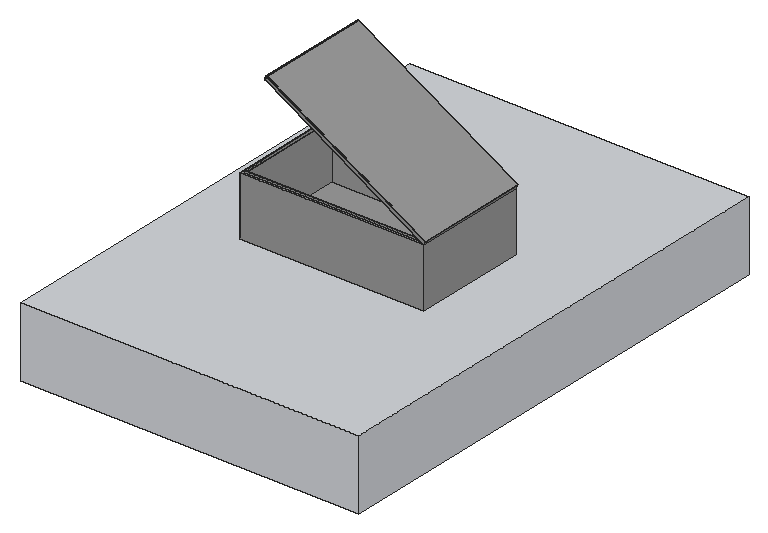
Revit family "Hager-Univers-IP55-D275-H500-Cl.II-Steel_encl-ES-es", category Equipement électrique, Revit 2020
Family settings
  Hôte = Face
  Configuration du panneau = Deux colonnes, circuits au sein
  Cote de connecteur circulaire = Utiliser le diamètre
  Type d'élément = Tableau de raccordement
  Couper avec des vides une fois chargée = Non
  Partagée = Non
  Point de calcul de pièce = Non
Parameters (values of type "Montado superficial (escayola) IP55 A800 A500 P275  - FR33S")
  Width Control [instance] = if([EF000008 - Anchura] > Min Width, [EF000008 - Anchura], Min Width)  # 800 mm
  Commentaires du type = [HG000003 - Gama]  # "Univers"
  Thickness Door [instance] = if([EF009171 - Espesor puerta/tapa] > 3 mm, 3 mm, [EF009171 - Espesor puerta/tapa])  # 1.5 mm
  Seal Frame Offset [instance] = 17 mm  # constant formula
  Plinth Visibility [instance] = [HG000027 - Altura de zócalo] > 0 mm  # no
  Model = ""
  Min Width [instance] = 100 mm  # constant formula
  Min Height [instance] = 100 mm  # constant formula
  Min Depth [instance] = (2 * [EF009170 - Espesor del material de la caja]) + 1 mm  # 4 mm
  Internal Frame Depth [instance] = (Door System Depth * 0.5)  # 9 mm
  Height Control [instance] = if([EF000040 - Altura] > Min Height, [EF000040 - Altura], Min Height)  # 500 mm
  HG000027 - Altura de zócalo = 0 mm
  HG000026 - Instalación en suelo = no
  HG000024 - Altura de la sección inferior = 800 mm
  HG000023 - Caja de doble sección = no
  HG000016 - Visibilidad de la puerta 3D [instance] = yes
  HG000015 - Visibilidad a través de la puerta [instance] = no
  HG000014 - Puerta a la derecha [instance] = yes
  HG000013 - Puerta a la izquierda [instance] = not([HG000014 - Puerta a la derecha])  # no
  HG000012 - Ángulo de giro de la puerta [instance] = 30.00°
  HG000010 - Puertas asimétricas = no
  HG000009 - Puerta batiente doble = no
  HG000006 - Empotrado = no
  HG000004 - Referencia del fabricante = "FR33S"
  HG000003 - Gama = "Univers"
  HG000002 - Con puerta o tapa = yes
  Frame Offset Bottom [instance] = 10 mm  # constant formula
  Frame Offset [instance] = 15 mm  # constant formula
  EF015940 - Tapa con alivio de sobrepresión = no
  EF011959 - Grado de protección (NEMA) = ""
  EF009554 - Número de aberturas para placas-brida = 6
  Fabricant = "Hager"  # constant formula
  EF009212 - Versión de la cubierta = "EV000116 - Cerrado"
  EF009171 - Espesor puerta/tapa = 1.5 mm
  EF009170 - Espesor del material de la caja = 1.5 mm
  EF008873 - Corriente nominal (In) = 800 A
  EF007800 - Adecuado para la protección contra rayos = no
  EF006306 - Con cierre = no
  EF006244 - Tapa/puerta transparente = no
  EF005474 - Grado de protección (IP) = "EV006420 - IP55"
  EF004464 - Tipo de puerta = "EV002646 - Único"
  EF004427 - Número de módulos = 108
  EF004293 - Resistencia al impacto (IK) = "EV008784 - IK10"
  EF003532 - Adecuado para uso en exteriores = no
  EF002950 - Anchura de unidades de división = 24
  EF001613 - Integridad del circuito = "EV000494 - Ninguno"
  EF001596 - Material de la carcasa = "EV000179 - Acero"
  EF001131 - Profundidad interna = 275 mm
  EF001088 - Posibilidad de extensión = yes
  EF000437 - Número de entradas de conductos de cables = 6
  EF000339 - Tipo de cubierta = "EV004216 - Puerta"
  EF000266 - Número de filas = 3
  EF000218 - Profundidad de instalación = 0 mm
  EF000118 - Con placa de montaje = no
  EF000116 - Número RAL = "7035"
  EF000049 - Profundidad = 275 mm
  EF000040 - Altura = 500 mm
  EF000008 - Anchura = 800 mm
  EF000007 - Color = "EV000270 - Gris"
  EF000003 - Tipo de montaje = "EV000384 - Montado superficial (escayola)"
  Door System Leaf Tolerance [instance] = 1.5 mm  # constant formula
  Door System Depth [instance] = 18 mm  # constant formula
  Door Height [instance] = Height Control - [HG000027 - Altura de zócalo]  # 500 mm
  Depth Control [instance] = if([EF000049 - Profundidad] > Min Depth, [EF000049 - Profundidad], Min Depth)  # 275 mm
  Default Elevation = 0 mm
  Connector Offset [instance] = Height Control / 2  # 250 mm
  Bottom Top Plate Trim [instance] = 1.5 mm  # constant formula
  Plinth height Ctrl [instance] = if([HG000027 - Altura de zócalo] > 0 mm, [HG000027 - Altura de zócalo], 12 mm)  # 12 mm
Types (5, lengths in mm): name | Width Control | HG000010 - Puertas asimétricas | HG000009 - Puerta batiente doble | HG000004 - Referencia del fabricante | EF009554 - Número de aberturas para placas-brida | EF004464 - Tipo de puerta | EF004427 - Número de módulos | EF000437 - Número de entradas de conductos de cables | EF000008 - Anchura
  Montado superficial (escayola) IP55 A1050 A500 P275  - FR34S | 1050 | no | yes | "FR34S" | 8 | "EV003602 - Doble" | 144 | 8 | 1050
  Montado superficial (escayola) IP55 A1300 A500 P275  - FR35S | 1300 | yes | yes | "FR35S" | 10 | "EV003602 - Doble" | 180 | 10 | 1300
  Montado superficial (escayola) IP55 A300 A500 P275  - FR31S | 300 | no | no | "FR31S" | 2 | "EV002646 - Único" | 36 | 2 | 300
  Montado superficial (escayola) IP55 A550 A500 P275  - FR32S | 550 | no | no | "FR32S" | 4 | "EV002646 - Único" | 72 | 4 | 550
  Montado superficial (escayola) IP55 A800 A500 P275  - FR33S | 800 | no | no | "FR33S" | 6 | "EV002646 - Único" | 108 | 6 | 800
Reference planes
  plane 1 "Center (Front/Back)": y = 0
  plane 2: z = 0
  plane 3 "Center (Left/Right)": x = 0
  plane 4: z = 275
  plane 5: y = 1.5
  plane 6: y = 250
  plane 7: y = 0
  plane 8: y = 500
  plane 9: z = 0
  plane 10: x = -385
  plane 11: x = 385
  plane 12: x = 383.5
  plane 13: x = -383.5
  plane 14: y = 498.5
  plane 15: x = -383
  plane 16: x = -400
  plane 17: x = 383
  plane 18: x = 400
  plane 19: x = 398.5
  plane 20: x = -398.5
  plane 21: y = 11.5
  plane 22: y = 500
  plane 23: y = 483.5
  plane 24: z = 257
  plane 25: z = 1.5
  plane 26: z = 255.5
  plane 27: z = 273.5
Forms (mm)
  Extrusion 1, solid
    sketch origin (0, 0, 0) x (1, 0, 0) y (0, 1, 0)
      loop
        line (-702.964, 1305) -> (-702.964, -811.445) -> (766.763, -811.445) -> (766.763, 1305) -> (-702.964, 1305)
    from 0 to -304.8
  Extrusion 2, solid, material "Hager_Steel_RAL7035_Light_Grey", visible <- "Plinth Visibility", detail levels medium+fine
    sketch origin (0, 0, 0) x (1, 0, 0) y (0, 1, 0)
      loop
        line (-400, 0) -> (400, 0) -> (400, 12) -> (-400, 12) -> (-400, 0)
    from 0 to 257
  Extrusion 3, solid, material "Hager_Steel_RAL7035_Light_Grey", detail levels medium+fine
    sketch origin (0, 0, 0) x (1, 0, 0) y (0, 1, 0)
      loop
        line (-400, 0) -> (400, 0) -> (400, 500) -> (-400, 500) -> (-400, 0)
    from 0 to 257
  Extrusion 4, void
    sketch origin (0, 0, 0) x (1, 0, 0) y (0, 1, 0)
      loop
        line (-398.5, 1.5) -> (398.5, 1.5) -> (398.5, 498.5) -> (-398.5, 498.5) -> (-398.5, 1.5)
    from 1.5 to 255.5
  Extrusion 5, void
    sketch origin (-381.607, -4572, 257) x (0, -1, 0) y (-1, 0, 0)
      loop
        line (-4583.5, 1.893) -> (-5055.5, 1.893) -> (-5055.5, -765.107) -> (-4583.5, -765.107) -> (-4583.5, 1.893)
    from 0 to 1.5 <- "EF009170 - Espesor del material de la caja"
  Extrusion 6, solid, material "Hager_Steel_RAL7035_Light_Grey", detail levels fine
    sketch origin (0, 0, 257) x (1, 0, 0) y (0, 1, 0)
      loop
        line (-383.5, 483.5) -> (-383.5, 11.5) -> (383.5, 11.5) -> (383.5, 483.5) -> (-383.5, 483.5)
      loop
        line (-385, 10) -> (385, 10) -> (385, 485) -> (-385, 485) -> (-385, 10)
    from 0 to 9 <- "Internal Frame Depth"
  Extrusion 7, solid, material "Hager_Steel_RAL7035_Light_Grey", detail levels coarse
    sketch origin (0, 0, 0) x (1, 0, 0) y (0, 1, 0)
      loop
        line (-400, 0) -> (400, 0) -> (400, 500) -> (-400, 500) -> (-400, 0)
    from 0 to 275
  Sweep 8, void
    path in 3D
      loop
        line (-400, 12, 0) -> (400, 12, 0) -> (400, 12, 257) -> (-400, 12, 257) -> (-400, 12, 0)
    profile origin (-400, 12, 128.5) x (-1, 0, 0) y (0, -1, 0)
      loop
        line (0, 0) -> (0, 1.5) -> (-1.5, 1.5)
        arc (-1.5, 1.5) -> (-1.061, 0.439) -> (0, 0) r 1.5
Cuts and joins
  Extrusion 4, Extrusion 5 cuts Extrusion 3
  Sweep 8 cuts Extrusion 2
Lines and regions (mm)
  Masking region 1
    outline origin (0, 0, 0) x (1, 0, 0) y (0, 0, 1)
      loop
        line (-400, 275) -> (-400, 0) -> (400, 0) -> (400, 275) -> (-400, 275)
  Masking region 2, detail levels medium+fine
    outline origin (0, 140, 0) x (0, 1, 0) y (0, 0, 1)
      loop
        line (-140, 0) -> (360, 0) -> (360, 257) -> (-140, 257) -> (-140, 0)
  Masking region 3, not visible, detail levels medium+fine
    outline origin (0, 297.922, 0) x (0, 1, 0) y (0, 0, 1)
      loop
        line (-36.422, 0) -> (3.578, 0) -> (3.578, 263.5)
        arc (3.578, 263.5) -> (0.649, 270.571) -> (-6.422, 273.5) r 10
        line (-6.422, 273.5) -> (-36.422, 273.5) -> (-36.422, 0)
  Masking region 4, detail levels coarse
    outline origin (0, 0, 180) x (0, 1, 0) y (0, 0, 1)
      loop
        line (0, -180) -> (500, -180) -> (500, 95) -> (0, 95) -> (0, -180)
  Masking region 5, visible <- "Plinth Visibility", detail levels medium+fine
    outline origin (0, 52.24, 12.345) x (0, 0, -1) y (0, 1, 0)
      loop
        line (10.845, -40.24) -> (-243.155, -40.24)
        arc (-243.155, -40.24) -> (-243.594, -41.301) -> (-244.655, -41.74) r 1.5
        line (-244.655, -41.74) -> (-244.655, -52.24) -> (12.345, -52.24) -> (12.345, -41.74)
        arc (12.345, -41.74) -> (11.285, -41.301) -> (10.845, -40.24) r 1.5
  Masking region 6, detail levels medium+fine
    outline origin (-381.607, -4572, 257) x (-1, 0, 0) y (0, -1, 0)
      loop
        line (18.393, -5072) -> (18.393, -4572) -> (-781.607, -4572) -> (-781.607, -5072) -> (18.393, -5072)
  Masking region 7, visible <- "Plinth Visibility", detail levels medium+fine
    outline origin (-381.607, -4727, 257) x (-1, 0, 0) y (0, -1, 0)
      loop
        arc (16.893, -4739) -> (17.332, -4737.939) -> (18.393, -4737.5) r 1.5
        line (18.393, -4737.5) -> (18.393, -4727) -> (-781.607, -4727) -> (-781.607, -4737.5)
        arc (-781.607, -4737.5) -> (-780.546, -4737.939) -> (-780.107, -4739) r 1.5
        line (-780.107, -4739) -> (16.893, -4739)
  Masking region 8, detail levels coarse
    outline origin (-442.548, -4669.526, 257) x (-1, 0, 0) y (0, -1, 0)
      loop
        line (-42.548, -5169.526) -> (-42.548, -4669.526) -> (-842.548, -4669.526) -> (-842.548, -5169.526) -> (-42.548, -5169.526)
  sketch lines
    curve 1: line (-400, 12, 257) -> (-400, 12, 0)
    curve 2: line (400, 12, 257) -> (-400, 12, 257)
    curve 3: line (400, 12, 257) -> (400, 12, 0)
    curve 4: line (-400, 12, 0) -> (400, 12, 0)
Dimensions and locks
  "Depth Control": plane 4 to Extrusion 1
  "HG000027 - Altura de zócalo": plane 1 "Center (Front/Back)" to plane 7
  "EF009170 - Espesor del material de la caja": plane 5 to plane 7
  locked: connector elem to plane 3 "Center (Left/Right)"
  equal spacing: plane 8, plane 6, plane 7
  locked: connector elem to plane 6
  "EF009170 - Espesor del material de la caja": plane 8 to plane 14
  "EF009170 - Espesor del material de la caja": plane 10 to plane 13
  "EF009170 - Espesor del material de la caja": plane 12 to plane 11
  "Frame Offset": plane 20 to plane 13
  "Frame Offset": plane 12 to plane 19
  "EF009170 - Espesor del material de la caja": plane 16 to plane 20
  "EF009170 - Espesor del material de la caja": plane 19 to plane 18
  "Seal Frame Offset": plane 16 to plane 15
  "Seal Frame Offset": plane 17 to plane 18
  "Frame Offset Bottom": plane 21 to plane 5
  "Frame Offset": plane 14 to plane 23
  equal spacing: plane 16, plane 3 "Center (Left/Right)", plane 18
  "Width Control": plane 16 to plane 18
  "EF009170 - Espesor del material de la caja": plane 4 to plane 27
  "EF009170 - Espesor del material de la caja": plane 24 to plane 26
  "EF009170 - Espesor del material de la caja": plane 25 to level
  "Door System Depth": plane 4 to plane 24
  "Height Control": plane 1 "Center (Front/Back)" to Extrusion 7 sketch curve
  "Height Control": Masking region 4 sketch curve to plane 1 "Center (Front/Back)"
  "Height Control": plane 1 "Center (Front/Back)" to plane 22
  "Bottom Top Plate Trim": profile plane to Sweep 8 sketch curve
  "Bottom Top Plate Trim": Sweep 8 sketch curve to profile plane
  "Plinth height Ctrl": plane 1 "Center (Front/Back)" to Extrusion 2 sketch curve
  "Plinth height Ctrl": Masking region 5 sketch curve to plane 1 "Center (Front/Back)"
  "Plinth height Ctrl": plane 1 "Center (Front/Back)" to Masking region 7 sketch curve
  "Thickness Door": Extrusion 6 sketch curve to Extrusion 6 sketch curve  (x3)
  "Thickness Door": cut or joined group of Extrusion 3, Extrusion 4, Extrusion 5 to Extrusion 6 sketch curve
  radius of Masking region 3 sketch curve = 10 mm
  "Bottom Top Plate Trim": radius of Masking region 5 sketch curve  (x2)
  "Bottom Top Plate Trim": radius of Sweep 8 sketch curve
  "Bottom Top Plate Trim": radius of Masking region 7 sketch curve  (x2)
  aligned and locked: plane 2 to Extrusion 1
  aligned and locked: level to Extrusion 1
  aligned and locked: level to Masking region 1 sketch curve
  aligned and locked: Masking region 1 sketch curve to plane 18
  aligned and locked: Masking region 1 sketch curve to plane 16
  aligned and locked: plane 7 to Masking region 2 sketch curve
  aligned and locked: level to Masking region 3 sketch curve
  aligned and locked: Masking region 3 sketch curve to plane 27
  aligned and locked: level to Masking region 2 sketch curve
  aligned and locked: plane 1 "Center (Front/Back)" to Extrusion 2 sketch curve
  aligned and locked: Extrusion 3 sketch curve to plane 7
  aligned and locked: plane 16 to Extrusion 3 sketch curve
  aligned and locked: plane 18 to Extrusion 3 sketch curve
  aligned and locked: plane 20 to Extrusion 4 sketch curve
  aligned and locked: plane 19 to Extrusion 4 sketch curve
  aligned and locked: Extrusion 4 sketch curve to plane 5
  aligned and locked: Extrusion 4 to plane 25
  aligned and locked: plane 26 to Extrusion 4
  aligned and locked: plane 24 to Extrusion 3
  aligned and locked: Extrusion 5 sketch curve to plane 21
  aligned and locked: Extrusion 5 sketch curve to plane 13
  aligned and locked: Extrusion 5 sketch curve to plane 12
  aligned and locked: plane 18 to Extrusion 7 sketch curve
  aligned and locked: plane 1 "Center (Front/Back)" to Extrusion 7 sketch curve
  aligned and locked: plane 16 to Extrusion 7 sketch curve
  aligned and locked: plane 4 to Extrusion 7
  aligned and locked: Extrusion 7 to level
  aligned and locked: level to Masking region 4 sketch curve
  aligned and locked: Masking region 4 sketch curve to plane 1 "Center (Front/Back)"
  aligned and locked: Masking region 4 sketch curve to plane 4
  aligned and locked: nested 1 to level
  aligned and locked: nested 1 to plane 16
  aligned and locked: plane 8 to Extrusion 3 sketch curve
  aligned and locked: plane 23 to Extrusion 5 sketch curve
  aligned and locked: plane 14 to Extrusion 4 sketch curve
  aligned and locked: Masking region 2 sketch curve to plane 8
  aligned and locked: level to Masking region 5 sketch curve
  aligned and locked: plane 16 to Extrusion 2 sketch curve
  aligned and locked: plane 18 to Extrusion 2 sketch curve
  aligned and locked: Masking region 5 sketch curve to plane 24
  aligned and locked: Masking region 2 sketch curve to plane 24
  aligned and locked: plane 24 to Extrusion 2
  aligned and locked: profile plane to Sweep 8 sketch curve  (x2)
  aligned and locked: Masking region 6 sketch curve to plane 18
  aligned and locked: Masking region 6 sketch curve to plane 22
  aligned and locked: Masking region 6 sketch curve to plane 16
  aligned and locked: plane 8 to plane 22
  aligned and locked: Masking region 6 sketch curve to plane 7
  aligned and locked: Masking region 7 sketch curve to plane 16
  aligned and locked: Masking region 7 sketch curve to plane 1 "Center (Front/Back)"
  aligned and locked: Masking region 7 sketch curve to plane 18
  aligned and locked: Masking region 8 sketch curve to plane 1 "Center (Front/Back)"
  aligned and locked: Masking region 8 sketch curve to plane 18
  aligned and locked: Masking region 8 sketch curve to plane 22
  aligned and locked: Masking region 8 sketch curve to plane 16
  aligned and locked: nested 2 to plane 7
  aligned and locked: plane 3 "Center (Left/Right)" to nested 2
  aligned and locked: nested 2 to plane 24
  aligned and locked: Extrusion 6 sketch curve to cut or joined group of Extrusion 3, Extrusion 4, Extrusion 5  (x4)
Automatic sketch dimensions
  Extrusion 1 sketch curve to Extrusion 1 sketch curve = 1469.727 mm
  Extrusion 1 sketch curve to Extrusion 1 sketch curve = 2116.445 mm
  Masking region 1 sketch curve to plane 4 = 0 mm
  plane 6 to Masking region 3 sketch curve = 11.5 mm
  Masking region 3 sketch curve to Masking region 3 sketch curve = 30 mm
  Masking region 5 sketch curve to plane 1 "Center (Front/Back)" = 0 mm
Nested families
  nested 1: "Hager_Enclosure_Symbol" at (-400, 0, 0) x (1, 0, 0) z (0, -1, 0), Height <- "Depth Control", Width <- "Width Control", type "Hager_Enclosure_Symbol"
    with Width_Ctrl 800 mm, Width 800 mm, Height_Ctrl 275 mm, Height 275 mm, A_Width_Int 18.047 mm, A_Width 216.562 mm, A_Height_Ctrl 240.625 mm, A_Height 240.625 mm
  nested 2: "EC000058_Univers_Door" at (0, 0, 257) x (1, 0, 0) z (0, 1, 0), Leaf_Tolerance <- "Door System Leaf Tolerance", Angle <- "HG000012 - Ángulo de giro de la puerta", Door_Depth <- "Door System Depth", Door_Left <- "HG000013 - Puerta a la izquierda", Transparent <- "EF006244 - Tapa/puerta transparente", Assymetrical <- "HG000010 - Puertas asimétricas", Width <- "Width Control", Clearance <- "HG000015 - Visibilidad a través de la puerta", Double <- "HG000009 - Puerta batiente doble", 3d_Door <- "HG000016 - Visibilidad de la puerta 3D", Lock_Visibility <- "EF006306 - Con cierre", Width_Ctrl <- "Width Control", Door_Right <- "HG000014 - Puerta a la derecha", Door <- "HG000002 - Con puerta o tapa", Height <- "Door Height", Thickness <- "Thickness Door", type "EC000058_Univers_Door", detail levels medium+fine
    with min_wh 4 mm, Width_Ctrl 800 mm, Width 800 mm, Transparent no, Thickness 1.5 mm, Seal_Material Hager_Rubber, Lock_Visibility no, Lock_Material Hager_Plastic_RAL9005_Jet_Black, Leaf_Width 800 mm, Leaf_Tolerance_External_Sides 0 mm, Leaf_Tolerance 1.5 mm, Leaf_Offset 0 mm, Leaf_Height 497 mm, Leaf_2_Width 800 mm, Leaf_2_Offset 400 mm, Leaf_1_Width 800 mm, Leaf_1_Offset 400 mm, Height_Ctrl 500 mm, Height 500 mm, Glass_Material Hager_Glass, Double_Clearance_Ctrl no, Double no, Door_Right_Ctrl yes, Door_Right yes, Door_Material Hager_Steel_RAL7035_Light_Grey, Door_Left_Ctrl no, Door_Left no, Door_Depth 18 mm, Door yes, Clearance_Material Hager_Clearance, Clearance_Depth 800 mm, Clearance_Ctrl no, Clearance no, Assymetrical no, Angle 30.00°, 3d_Door yes
Connectors
  electrical at (0, 250, 0)
    settings: on plane 9, index 1, voltage 0 V, apparent load 0 VA, apparent load phase1 0 VA, apparent load phase2 0 VA, apparent load phase3 0 VA, power factor 1, load classification "Other", number of poles 1, system type 30, power factor state 1, is connector primary yes, connector utility no, sub classification motor no, connector description ""
Definition of nested family "EC000058_Univers_Door"
  Parameters (values of type "EC000058_Univers_Door")
    min_wh [instance] = (2 * Thickness) + 1 mm  # 11 mm
    Width_Ctrl [instance] = 400 mm
    Width [instance] = 500 mm
    Transparent [instance] = yes
    Thickness [instance] = 5 mm
    Seal_Material [instance] = none
    Lock_Visibility [instance] = yes
    Lock_Material [instance] = none
    Leaf_Width [instance] = if((Width_Ctrl - 2 * Leaf_Tolerance_External_Sides) > 0 mm, (Width_Ctrl - 2 * Leaf_Tolerance_External_Sides), min_wh)  # 400 mm
    Leaf_Tolerance_External_Sides [instance] = 0 mm  # constant formula
    Leaf_Tolerance [instance] = 1.5 mm
    Leaf_Offset [instance] = 0 mm  # constant formula
    Leaf_Height [instance] = if((Height_Ctrl - 2 * Leaf_Tolerance) > 0 mm, (Height_Ctrl - 2 * Leaf_Tolerance), min_wh)  # 497 mm
    Leaf_2_Width [instance] = if(and(and(Double, Assymetrical), Door_Left), (Leaf_Width / 3) - (Leaf_Tolerance / 2), if(and(and(Double, Assymetrical), Door_Right), (Leaf_Width / 3) * 2 - (Leaf_Tolerance / 2), if(and(Double, not(Assymetrical)), (Leaf_Width / 2) - Leaf_Tolerance, Leaf_Width)))  # 400 mm
    Leaf_2_Offset [instance] = if(and(Double, Assymetrical), Leaf_2_Width / 2, if(and(Double, not(Assymetrical)), Leaf_Width / 4, Leaf_Width / 2))  # 200 mm
    Leaf_1_Width [instance] = if(and(and(Double, Assymetrical), Door_Right), (Leaf_Width / 3) - (Leaf_Tolerance / 2), if(and(and(Double, Assymetrical), Door_Left), (Width / 3) * 2 - (Leaf_Tolerance / 2), if(and(Double, not(Assymetrical)), (Leaf_Width / 2) - Leaf_Tolerance, Leaf_Width)))  # 400 mm
    Leaf_1_Offset [instance] = if(and(Double, Assymetrical), Leaf_1_Width / 2, if(and(Double, not(Assymetrical)), Leaf_Width / 4, Leaf_Width / 2))  # 200 mm
    Height_Ctrl [instance] = if(Height > min_wh, Height, min_wh)  # 500 mm
    Height [instance] = 500 mm
    Glass_Material [instance] = none
    Double_Clearance_Ctrl [instance] = and(Double, Clearance)  # no
    Double [instance] = no
    Door_Right_Ctrl [instance] = and(or(Door_Right, Double), Door)  # yes
    Door_Right [instance] = yes
    Door_Material [instance] = none
    Door_Left_Ctrl [instance] = and(or(Door_Left, Double), Door)  # no
    Door_Left [instance] = no
    Door_Depth [instance] = 30 mm
    Door [instance] = yes
    Default Elevation = 1219.2 mm
    Clearance_Material [instance] = none
    Clearance_Depth [instance] = if(Leaf_1_Width > Leaf_2_Width, Leaf_1_Width, Leaf_2_Width)  # 400 mm
    Clearance_Ctrl [instance] = and(not(Double), Clearance)  # yes
    Clearance [instance] = yes
    Assymetrical [instance] = yes
    Angle [instance] = 30.00°
    3d_Door [instance] = yes
  Reference planes
    plane 1 "Center (Front/Back)": y = 0
    plane 2 "Bottom": z = 0
    plane 3 "Center (Left/Right)": x = 0
    plane 4: z = 500
    plane 5: x = -200
    plane 6: x = 200
    plane 7: z = 500
    plane 8: x = -200
    plane 9: z = 0
    plane 10: x = 200
    plane 11: y = 0
    plane 12: z = 1.5
    plane 13: x = -600
    plane 14: y = -400
    plane 15: x = 600
    plane 16: x = 0
    plane 17: x = 0
    plane 18: x = -200
    plane 19: x = 200
    plane 20: z = 498.5
  Forms (mm)
    Extrusion 1, solid, material <- "Clearance_Material", visible <- "Double_Clearance_Ctrl"
      sketch origin (1200, 0, 0) x (1, 0, 0) y (0, 0, -1)
        loop
          line (-1800, -498.5) -> (-600, -498.5) -> (-600, 0) -> (-1800, 0) -> (-1800, -498.5)
      from 0 to -400
  Dimensions and locks
    equal spacing: plane 5, plane 3 "Center (Left/Right)", plane 6
    "Width_Ctrl": plane 5 to plane 6
    "Leaf_Offset": plane 5 to plane 8
    "Leaf_Offset": plane 6 to plane 10
    "Leaf_Offset": plane 9 to level
    "Leaf_Offset": plane 4 to plane 7
    "Height_Ctrl": plane 4 to level
    "Leaf_Tolerance": plane 12 to plane 9
    locked: plane 11 to plane 1 "Center (Front/Back)"
    "Leaf_1_Offset": plane 18 to plane 16
    "Leaf_2_Offset": plane 17 to plane 19
    "Leaf_1_Width": plane 13 to plane 8
    "Leaf_2_Width": plane 10 to plane 15
    "Clearance_Depth": plane 14 to plane 1 "Center (Front/Back)"
    "Leaf_Tolerance_External_Sides": plane 8 to plane 18
    "Leaf_Tolerance_External_Sides": plane 19 to plane 10
    "Leaf_Tolerance": plane 7 to plane 20
    aligned and locked: level to plane 2 "Bottom"
    aligned and locked: nested 1 to plane 16
    aligned and locked: nested 2 to plane 17
    aligned and locked: Extrusion 1 to plane 13
    aligned and locked: plane 15 to Extrusion 1
    aligned and locked: Extrusion 1 to plane 14
    aligned and locked: plane 12 to nested 1
    aligned and locked: nested 2 to plane 12
    aligned and locked: Extrusion 1 to plane 11
    aligned and locked: plane 20 to Extrusion 1
    aligned and locked: nested 2 to plane 11
    aligned and locked: nested 1 to plane 11
  Automatic sketch dimensions
    Extrusion 1 sketch curve to level = 0 mm
    plane 5 to Extrusion 1 sketch curve = 400 mm
    plane 6 to Extrusion 1 sketch curve = 400 mm
    Extrusion 1 sketch curve to plane 4 = 1.5 mm
  Nested families
    nested 1: "EC000058_Univers_Door_Leaf" at (0, 0, 1.5), Width <- "Leaf_1_Width", visible <- "Door_Left_Ctrl", Leaf_Height <- "Leaf_Height", Angle <- "Angle", 3d_Door <- "3d_Door", Transparent <- "Transparent", Clearance Material <- "Clearance_Material", Clearance <- "Clearance_Ctrl", Door_Material <- "Door_Material", Glass_Material <- "Glass_Material", Door_Depth <- "Door_Depth", Lock_Material <- "Lock_Material", Seal_Material <- "Seal_Material", Lock_Visibility <- "Lock_Visibility", Thickness <- "Thickness", type "EC000058_Univers_Door_Leaf"
      with Width 400 mm, Transparent_Glass_Offset 30 mm, Transparent_Ctrl yes, Transparent yes, Thickness 5 mm, Standard no, Seal_Material none, Seal_D2 8 mm, Seal_D1 1 mm, Offset_Internal_Frame 10 mm, Lock_Width 20 mm, Lock_Visibility_3d yes, Lock_Visibility yes, Lock_Thickness_3 3 mm, Lock_Thickness_2 1 mm, Lock_Thickness_1 3 mm, Lock_Radius_Offset_2 16 mm, Lock_Radius_Offset_1 15 mm, Lock_Radius_2 5 mm, Lock_Radius 6 mm, Lock_Offset 5 mm, Lock_Material none, Lock_Height 80 mm, Lock_Cover_Top_Offset_2d 17 mm, Lock_Cover_Height -65 mm, Leaf_Height 497 mm, Internal_Seal_Thickness 8 mm, Internal_Seal_Depth_2 4.5 mm, Internal_Frame_Depth 25 mm, Glass_Thickness -1 mm, Glass_Offset -2 mm, Glass_Material none, Door_Material none, Door_Depth 30 mm, Clearance Material none, Clearance yes, Angle_Ctrl 30.00°, Angle 30.00°, 3d_Door yes
    nested 2: "EC000058_Univers_Door_Leaf" at (0, 0, 1.5) x (-1, 0, 0) z (0, 0, 1), Width <- "Leaf_2_Width", visible <- "Door_Right_Ctrl", Leaf_Height <- "Leaf_Height", Angle <- "Angle", 3d_Door <- "3d_Door", Transparent <- "Transparent", Clearance Material <- "Clearance_Material", Clearance <- "Clearance_Ctrl", Door_Material <- "Door_Material", Glass_Material <- "Glass_Material", Door_Depth <- "Door_Depth", Lock_Material <- "Lock_Material", Seal_Material <- "Seal_Material", Lock_Visibility <- "Lock_Visibility", Thickness <- "Thickness", type "EC000058_Univers_Door_Leaf"
      with Width 400 mm, Transparent_Glass_Offset 30 mm, Transparent_Ctrl yes, Transparent yes, Thickness 5 mm, Standard no, Seal_Material none, Seal_D2 8 mm, Seal_D1 1 mm, Offset_Internal_Frame 10 mm, Lock_Width 20 mm, Lock_Visibility_3d yes, Lock_Visibility yes, Lock_Thickness_3 3 mm, Lock_Thickness_2 1 mm, Lock_Thickness_1 3 mm, Lock_Radius_Offset_2 16 mm, Lock_Radius_Offset_1 15 mm, Lock_Radius_2 5 mm, Lock_Radius 6 mm, Lock_Offset 5 mm, Lock_Material none, Lock_Height 80 mm, Lock_Cover_Top_Offset_2d 17 mm, Lock_Cover_Height -65 mm, Leaf_Height 497 mm, Internal_Seal_Thickness 8 mm, Internal_Seal_Depth_2 4.5 mm, Internal_Frame_Depth 25 mm, Glass_Thickness -1 mm, Glass_Offset -2 mm, Glass_Material none, Door_Material none, Door_Depth 30 mm, Clearance Material none, Clearance yes, Angle_Ctrl 30.00°, Angle 30.00°, 3d_Door yes
  Definition of nested family "EC000058_Univers_Door_Leaf"
    Parameters (values of type "EC000058_Univers_Door_Leaf")
      Width [instance] = 2000 mm
      Transparent_Glass_Offset [instance] = 30 mm
      Transparent_Ctrl [instance] = and(Transparent, [3d_Door])  # yes
      Transparent [instance] = yes
      Thickness [instance] = 5 mm
      Standard [instance] = and(not(Transparent), [3d_Door])  # no
      Seal_Material [instance] = none
      Seal_D2 [instance] = 8 mm  # constant formula
      Seal_D1 [instance] = 1 mm  # constant formula
      Offset_Internal_Frame [instance] = 10 mm  # constant formula
      Lock_Width [instance] = 20 mm  # constant formula
      Lock_Visibility_3d [instance] = and(Lock_Visibility, [3d_Door])  # yes
      Lock_Visibility [instance] = yes
      Lock_Thickness_3 [instance] = 3 mm  # constant formula
      Lock_Thickness_2 [instance] = 1 mm  # constant formula
      Lock_Thickness_1 [instance] = 3 mm  # constant formula
      Lock_Radius_Offset_2 [instance] = Lock_Radius_Offset_1 + 1 mm  # 16 mm
      Lock_Radius_Offset_1 [instance] = 15 mm  # constant formula
      Lock_Radius_2 [instance] = Lock_Radius - 1 mm  # 5 mm
      Lock_Radius [instance] = 6 mm  # constant formula
      Lock_Offset [instance] = 5 mm  # constant formula
      Lock_Material [instance] = none
      Lock_Height [instance] = 80 mm  # constant formula
      Lock_Cover_Top_Offset_2d [instance] = Lock_Radius_Offset_2 + 1 mm  # 17 mm
      Lock_Cover_Height [instance] = -(Lock_Height - Lock_Radius_Offset_1)  # -65 mm
      Leaf_Height [instance] = 2720.336 mm
      Internal_Seal_Thickness [instance] = 8 mm  # constant formula
      Internal_Seal_Depth_2 [instance] = 4.5 mm  # constant formula
      Internal_Frame_Depth [instance] = if(Door_Depth - Thickness > 5 mm, Door_Depth - Thickness, 5 mm)  # 25 mm
      Glass_Thickness [instance] = if(Thickness > 15 mm, Glass_Offset + 10 mm, -1 mm)  # -1 mm
      Glass_Offset [instance] = if(Thickness > 15 mm, -(Thickness + 10 mm) / 2, -2 mm)  # -2 mm
      Glass_Material [instance] = none
      Door_Material [instance] = none
      Door_Depth [instance] = 30 mm
      Default Elevation = 0 mm
      Clearance Material [instance] = none
      Clearance [instance] = yes
      Angle_Ctrl [instance] = if(Angle > 180.00°, 180.00°, Angle)  # 90.00°
      Angle [instance] = 90.00°
      3d_Door [instance] = yes
    Reference planes
      plane 1 "Center (Front/Back)": y = 0
      plane 2: z = 0
      plane 3 "Center (Left/Right)": x = 0
      plane 4: y = 2000
      plane 5: x = -1000
      plane 6: x = 1000
      plane 7: x = -3000
      plane 8: z = 2720.336
      plane 9: z = 30
      plane 10: z = 2690.336
      plane 11: x = 970
      plane 12: x = -970
      plane 13: y = -3
      plane 14: z = 107.833
      plane 15: y = -5
      plane 16: y = -223.314
      plane 17: x = -1000
      plane 18: z = 1360.168
      plane 19: y = 30
    Forms (mm)
      Extrusion 1, solid, material <- "Clearance Material", visible <- "Clearance"
        sketch origin (0, 0, 0) x (1, 0, 0) y (0, 0, 1)
          loop
            line (-3000, 2720.336) -> (-3000, 0) -> (1000, 0) -> (1000, 2720.336) -> (-3000, 2720.336)
        from 0 to -2000
      Extrusion 2, solid, material <- "Door_Material", visible <- "Standard", detail levels medium+fine
        sketch origin (-1000, 0, 0) x (0, 1, 0) y (-1, 0, 0)
          loop
            line (0, 30) -> (0, 25) -> (2000, 25) -> (2000, 30) -> (0, 30)
        from 0 to 2720.336 <- "Leaf_Height"
      Extrusion 3, solid, material <- "Door_Material", visible <- "Transparent_Ctrl", detail levels medium+fine
        sketch origin (-1000, 0, 0) x (0, 1, 0) y (-1, 0, 0)
          loop
            line (0, 25) -> (2000, 25) -> (2000, 30) -> (0, 30) -> (0, 25)
        from 0 to 2720.336 <- "Leaf_Height"
      Extrusion 4, void
        sketch origin (-1025, 2000, 0) x (0, 1, 0) y (0, 0, -1)
          loop
            line (-30, -2690.336) -> (-30, -30) -> (-1970, -30) -> (-1970, -2690.336) -> (-30, -2690.336)
        from 0 to 5 <- "Thickness"
      Sweep 5, solid, material <- "Seal_Material", visible <- "Transparent_Ctrl", detail levels fine
        path in 3D
          loop
            line (-1025, 30, 30) -> (-1025, 30, 2690.336) -> (-1025, 1970, 2690.336) -> (-1025, 1970, 30) -> (-1025, 30, 30)
        profile origin (-1025, 1000, 30) x (1, 0, 0) y (0, 0, 1)
          loop
            line (0, 0) -> (0, -8) -> (1, -8) -> (1, 0) -> (0, 0)
      Extrusion 6, solid, material <- "Glass_Material", visible <- "Transparent_Ctrl", detail levels medium+fine
        sketch origin (-1030, 0, 0) x (0, 1, 0) y (0, 0, -1)
          loop
            line (1970, -2690.336) -> (1970, -30) -> (30, -30) -> (30, -2690.336) -> (1970, -2690.336)
        from -2 <- "Glass_Offset" to -1 <- "Glass_Thickness"
      Extrusion 7, solid, material <- "Door_Material", visible <- "3d_Door", detail levels medium+fine
        sketch origin (-1025, 2000, 0) x (0, -1, 0) y (0, 0, -1)
          loop
            line (0, -2720.336) -> (2000, -2720.336) -> (2000, 0) -> (0, 0) -> (0, -2720.336)
          loop
            line (1995, -5) -> (5, -5) -> (5, -2715.336) -> (1995, -2715.336) -> (1995, -5)
        from 0 to 25 <- "Internal_Frame_Depth"
      Sweep 8, solid, material <- "Seal_Material", visible <- "Transparent_Ctrl", detail levels fine
        path in 3D
          loop
            line (-1025, 0, 0) -> (-1025, 2000, 0) -> (-1025, 2000, 2720.336) -> (-1025, 0, 2720.336) -> (-1025, 0, 0)
        profile origin (-1025, 0, 1360.168) x (1, 0, 0) y (0, 1, 0)
          loop
            line (0, 10) -> (2.975, 10)
            arc (2.975, 10) -> (4.053, 10.447) -> (4.5, 11.525) r 1.525
            line (4.5, 11.525) -> (4.5, 16.527)
            arc (4.5, 16.527) -> (4.069, 17.569) -> (3.027, 18) r 1.473
            line (3.027, 18) -> (0, 18) -> (0, 10)
      Extrusion 9, solid, material <- "Lock_Material", visible <- "Lock_Visibility_3d", detail levels fine
        sketch origin (-1030, 0, 0) x (0, 1, 0) y (0, 0, -1)
          loop
            arc (1993.5, -1400.168) -> (1994.561, -1399.729) -> (1995, -1398.668) r 1.5
            line (1995, -1398.668) -> (1995, -1320.168) -> (1975, -1320.168) -> (1975, -1398.668)
            arc (1975, -1398.668) -> (1975.439, -1399.729) -> (1976.5, -1400.168) r 1.5
            line (1976.5, -1400.168) -> (1993.5, -1400.168)
        from 3 <- "Lock_Thickness_1" to 0
      Blend 10, solid, material <- "Lock_Material", visible <- "Lock_Visibility_3d", detail levels fine
        base sketch origin (-1033, 0, 0) x (0, 1, 0) y (0, 0, -1)
          loop
            line (1975, -1320.168) -> (1975, -1398.668)
            arc (1975, -1398.668) -> (1975.439, -1399.729) -> (1976.5, -1400.168) r 1.5
            line (1976.5, -1400.168) -> (1993.5, -1400.168)
            arc (1993.5, -1400.168) -> (1994.561, -1399.729) -> (1995, -1398.668) r 1.5
            line (1995, -1398.668) -> (1995, -1320.168) -> (1975, -1320.168)
        top sketch origin (-1033, 0, 0) x (0, 1, 0) y (0, 0, -1)
          loop
            line (1976, -1320.168) -> (1976, -1398.668)
            arc (1976, -1398.668) -> (1976.146, -1399.022) -> (1976.5, -1399.168) r 0.5
            line (1976.5, -1399.168) -> (1993.5, -1399.168)
            arc (1993.5, -1399.168) -> (1993.854, -1399.022) -> (1994, -1398.668) r 0.5
            line (1994, -1398.668) -> (1994, -1320.168) -> (1976, -1320.168)
        from 0 to 1 <- "Lock_Thickness_2"
      Blend 11, solid, material <- "Lock_Material", visible <- "Lock_Visibility_3d", detail levels fine
        base sketch origin (-1034, 0, 0) x (0, 1, 0) y (0, 0, -1)
          loop
            line (1978, -1320.168) -> (1978, -1384.168)
            arc (1978, -1384.168) -> (1985, -1391.168) -> (1992, -1384.168) r 7
            line (1992, -1384.168) -> (1992, -1320.168) -> (1978, -1320.168)
        top sketch origin (-1034, 0, 0) x (0, 1, 0) y (0, 0, -1)
          loop
            line (1991, -1320.168) -> (1979, -1320.168) -> (1979, -1383.168)
            arc (1979, -1383.168) -> (1985, -1389.168) -> (1991, -1383.168) r 6
            line (1991, -1383.168) -> (1991, -1320.168)
        from 0 to 3 <- "Lock_Thickness_3"
      Extrusion 12, solid, material <- "Lock_Material", visible <- "Lock_Visibility_3d", detail levels fine
        sketch origin (-1030, 1975, 1320.168) x (1, 0, 0) y (0, -1, 0)
          loop
            line (-7, -19) -> (-7, -1) -> (0, -1) -> (0, 0) -> (-8, 0) -> (-8, -20) -> (0, -20) -> (0, -19) -> (-7, -19)
        from 0 to -65 <- "Lock_Cover_Height"
      Extrusion 13, void
        sketch origin (-1038, 1995, 1320.168) x (-1, 0, 0) y (0, 0, -1)
          loop
            line (-5, -65) -> (0, -65) -> (-5, -60) -> (-5, -65)
        from 0 to 20 <- "Lock_Width"
      Extrusion 14, void
        sketch origin (-1038, 1975, 1320.168) x (0, -1, 0) y (0, 0, -1)
          loop
            circle (-10, -15.995) r 6
          loop
            circle (-10, -15.995) r 5
        from 0 to 2
      Extrusion 15, solid, material <- "Lock_Material", visible <- "Lock_Visibility_3d", detail levels medium
        sketch origin (-1030, 0, 0) x (0, 1, 0) y (0, 0, -1)
          loop
            arc (1993.5, -1400.168) -> (1994.561, -1399.729) -> (1995, -1398.668) r 1.5
            line (1995, -1398.668) -> (1995, -1320.168) -> (1975, -1320.168) -> (1975, -1398.668)
            arc (1975, -1398.668) -> (1975.439, -1399.729) -> (1976.5, -1400.168) r 1.5
            line (1976.5, -1400.168) -> (1993.5, -1400.168)
        from 8 to 0
    Cuts and joins
      Extrusion 4 cuts Extrusion 3
      Extrusion 13, Extrusion 14 cuts Extrusion 9
      Extrusion 14 cuts Blend 11
      Extrusion 13, Extrusion 14 cuts Extrusion 12
      joined: Extrusion 9, Blend 10, Blend 11, Extrusion 12
      Extrusion 14 cuts Extrusion 15
    Lines and regions (mm)
      Masking region 1, visible <- "Lock_Visibility", detail levels fine
        outline origin (0, 0, 0) x (0, 1, 0) y (0, 0, 1)
          loop
            line (30, 1320.168) -> (33, 1320.168) -> (33, 1400.168) -> (30, 1400.168) -> (30, 1320.168)
      Masking region 2, visible <- "Lock_Visibility", detail levels fine
        outline origin (0, 3.143, 0) x (0, 1, 0) y (0, 0, 1)
          loop
            line (29.857, 1354.168) -> (30.857, 1354.168) -> (30.857, 1366.168) -> (29.857, 1366.168) -> (29.857, 1354.168)
      Masking region 3, detail levels medium+fine
        outline origin (0, 0, 0) x (0, 1, 0) y (0, 0, 1)
          loop
            line (0, 0) -> (30, 0) -> (30, 2720.336) -> (0, 2720.336) -> (0, 0)
      Masking region 4, detail levels medium+fine
        outline origin (0, 0, 0) x (1, 0, 0) y (0, 0, 1)
          loop
            line (-1000, 2720.336) -> (-1000, 0) -> (1000, 0) -> (1000, 2720.336) -> (-1000, 2720.336)
      Masking region 5, visible <- "Lock_Visibility", detail levels fine
        outline origin (-47.116, 0, 0) x (1, 0, 0) y (0, 0, 1)
          loop
            arc (1024.616, 1399.168) -> (1023.556, 1398.729) -> (1023.116, 1397.668) r 1.5
            line (1023.116, 1397.668) -> (1023.116, 1320.168) -> (1041.116, 1320.168) -> (1041.116, 1397.668)
            arc (1041.116, 1397.668) -> (1040.677, 1398.729) -> (1039.616, 1399.168) r 1.5
            line (1039.616, 1399.168) -> (1024.616, 1399.168)
      Masking region 6, visible <- "Lock_Visibility", detail levels medium+fine
        outline origin (-25, 0, 0) x (1, 0, 0) y (0, 0, 1)
          loop
            arc (1001.5, 1400.168) -> (1000.439, 1399.729) -> (1000, 1398.668) r 1.5
            line (1000, 1398.668) -> (1000, 1320.168) -> (1020, 1320.168) -> (1020, 1398.668)
            arc (1020, 1398.668) -> (1019.561, 1399.729) -> (1018.5, 1400.168) r 1.5
            line (1018.5, 1400.168) -> (1001.5, 1400.168)
      Masking region 7, visible <- "Lock_Visibility", detail levels fine
        outline origin (-73.735, 0, 0) x (1, 0, 0) y (0, 0, 1)
          loop
            line (1051.735, 1382.168) -> (1065.735, 1382.168) -> (1065.735, 1384.168)
            arc (1065.735, 1384.168) -> (1058.735, 1391.168) -> (1051.735, 1384.168) r 7
            line (1051.735, 1384.168) -> (1051.735, 1382.168)
      Masking region 8, visible <- "Lock_Visibility", detail levels fine
        outline origin (-73.735, 0, 0) x (1, 0, 0) y (0, 0, 1)
          loop
            line (1052.735, 1382.168) -> (1064.735, 1382.168) -> (1064.735, 1383.168)
            arc (1064.735, 1383.168) -> (1058.735, 1389.168) -> (1052.735, 1383.168) r 6
            line (1052.735, 1383.168) -> (1052.735, 1382.168)
      Masking region 9, visible <- "Lock_Visibility", detail levels fine
        outline origin (-25, 0, 0) x (1, 0, 0) y (0, 0, 1)
          loop
            line (1020, 1320.168) -> (1020, 1382.168) -> (1000, 1382.168) -> (1000, 1320.168) -> (1020, 1320.168)
      Masking region 10, detail levels medium+fine
        outline origin (0, 0, 0) x (1, 0, 0) y (0, 0, 1)
          loop
            circle (985, 1335.144) r 6
      Masking region 11, detail levels fine
        outline origin (0, 0, 0) x (1, 0, 0) y (0, 0, 1)
          loop
            circle (985, 1335.144) r 5
      Masking region 12, visible <- "Lock_Visibility", detail levels fine
        outline origin (0, 12.767, 0) x (0, 1, 0) y (0, 0, 1)
          loop
            line (20.233, 1320.168) -> (21.233, 1320.168) -> (21.233, 1399.168) -> (20.233, 1400.168) -> (20.233, 1320.168)
      Masking region 13, visible <- "Lock_Visibility", detail levels fine
        outline origin (0, 13.767, -10) x (0, 1, 0) y (0, 0, 1)
          loop
            line (20.233, 1330.168) -> (23.233, 1330.168) -> (23.233, 1399.168) -> (20.233, 1402.168) -> (20.233, 1330.168)
      Masking region 14, visible <- "Lock_Visibility", detail levels fine
        outline origin (0, 12.767, -10) x (0, 1, 0) y (0, 0, 1)
          loop
            line (20.233, 1330.168) -> (25.233, 1330.168) -> (25.233, 1399.305) -> (20.233, 1394.305) -> (20.233, 1330.168)
      Masking region 15, visible <- "Lock_Visibility", detail levels medium
        outline origin (0, 0, 0) x (0, 1, 0) y (0, 0, 1)
          loop
            line (30, 1320.168) -> (38, 1320.168) -> (38, 1400.168) -> (30, 1400.168) -> (30, 1320.168)
      Masking region 16, visible <- "Lock_Visibility", detail levels fine
        outline origin (-1000, 0, 0) x (0, 1, 0) y (-1, 0, 0)
          loop
            line (1975, 30) -> (1995, 30) -> (1995, 38) -> (1975, 38) -> (1975, 30)
          loop
            line (1979, 37) -> (1976, 37) -> (1976, 34) -> (1978, 34) -> (1979, 37)
          loop
            line (1994, 37) -> (1991, 37) -> (1992, 34) -> (1994, 34) -> (1994, 37)
      Masking region 17, visible <- "Lock_Visibility", detail levels medium
        outline origin (-1000, 0, 0) x (0, 1, 0) y (-1, 0, 0)
          loop
            line (1975, 30) -> (1995, 30) -> (1995, 38) -> (1975, 38) -> (1975, 30)
      symbolic lines
        curve 1: line (1000, 0, 0) -> (-3000, 0, 0)
        curve 2: arc (1000, 0, 0) -> (-1000, 2000, 0) -> (-3000, 0, 0) r 2000
        curve 4: line (-1030, 0, 0) -> (-1030, 2000, 0)
      reference lines
        curve 3: line (-1000, 0, 0) -> (-1000, 2000, 0)
      symbolic lines, detail levels medium+fine
        curve 5: line (-1030, 2000, 0) -> (-1025, 2000, 0)
        curve 7: line (-1025, 0, 0) -> (-1030, 0, 0)
        curve 8: line (-1025, 0, 0) -> (-1000, 0, 0)
        curve 9: line (-1000, 0, 0) -> (-1000, 2000, 0)
        curve 10: line (-1000, 2000, 0) -> (-1025, 2000, 0)
      symbolic lines, detail levels fine
        curve 6: line (-1025, 2000, 0) -> (-1025, 0, 0)
      sketch lines
        curve 11: line (-1025, 0, 2720.336) -> (-1025, 0, 0)
        curve 12: line (-1025, 2000, 0) -> (-1025, 0, 0)
        curve 13: line (-1025, 2000, 2720.336) -> (-1025, 2000, 0)
        curve 14: line (-1025, 0, 2720.336) -> (-1025, 2000, 2720.336)
        curve 15: line (-1025, 1970, 30) -> (-1025, 30, 30)
        curve 16: line (-1025, 30, 30) -> (-1025, 30, 2690.336)
        curve 17: line (-1025, 1970, 2690.336) -> (-1025, 1970, 30)
        curve 18: line (-1025, 30, 2690.336) -> (-1025, 1970, 2690.336)
      symbolic lines, visible <- "Transparent", detail levels medium+fine
        curve 19: line (-970, 0, 2690.336) -> (970, 0, 2690.336)
        curve 20: line (-970, 0, 30) -> (-970, 0, 2690.336)
        curve 21: line (970, 0, 30) -> (-970, 0, 30)
        curve 22: line (970, 0, 2690.336) -> (970, 0, 30)
    Dimensions and locks
      "Width": plane 1 "Center (Front/Back)" to plane 4
      equal spacing: plane 5, plane 3 "Center (Left/Right)", plane 6
      "Width": plane 5 to plane 6
      "Width": plane 7 to plane 5
      "Leaf_Height": plane 8 to level
      "Width": curve 5 to curve 3
      "Width": curve 3 to curve 3
      plane 8 to plane 10 = 30 mm
      plane 9 to level = 30 mm
      plane 12 to plane 5 = 30 mm
      plane 6 to plane 11 = 30 mm
      Extrusion 1 to Extrusion 4 sketch curve = 30 mm
      "Transparent_Glass_Offset": curve 3 to Extrusion 4 sketch curve
      "Transparent_Glass_Offset": Extrusion 4 sketch curve to cut or joined group of Extrusion 3, Extrusion 4  (x2)
      cut or joined group of Extrusion 3, Extrusion 4 to Extrusion 6 sketch curve = 30 mm
      "Transparent_Glass_Offset": cut or joined group of Extrusion 3, Extrusion 4 to Extrusion 4 sketch curve
      "Thickness": curve 6 to curve 4
      "Thickness": Extrusion 7 sketch curve to Extrusion 7 sketch curve  (x4)
      "Door_Depth": curve 4 to curve 3
      "Offset_Internal_Frame": profile plane to Sweep 8 sketch curve
      "Internal_Seal_Thickness": Sweep 8 sketch curve to Sweep 8 sketch curve
      "Internal_Seal_Depth_2": profile plane to Sweep 8 sketch curve
      "Seal_D1": profile plane to Sweep 5 sketch curve
      "Seal_D2": profile plane to Sweep 5 sketch curve
      "Thickness": Extrusion 2 sketch curve to Extrusion 2 sketch curve
      equal spacing: Extrusion 9 sketch curve, plane 18, Extrusion 9 sketch curve  (x2)
      equal spacing: Masking region 1 sketch curve, plane 18, Masking region 1 sketch curve
      "Lock_Height": Masking region 1 sketch curve to Masking region 1 sketch curve
      "Lock_Radius": Masking region 2 sketch curve to plane 18 to Masking region 2 sketch curve
      Masking region 2 sketch curve to Masking region 1 = 1 mm
      "Door_Depth": plane 19 to plane 1 "Center (Front/Back)"
      "Lock_Thickness_1": Masking region 1 sketch curve to plane 19
      "Lock_Width": Extrusion 9 sketch curve to Extrusion 9 sketch curve
      "Lock_Height": Extrusion 9 sketch curve to Extrusion 9 sketch curve
      "Lock_Offset": cut or joined group of Extrusion 3, Extrusion 4 to Extrusion 9 sketch curve
      equal spacing: plane 8, plane 18, level
      "Lock_Radius_Offset_1": Blend 11 sketch curve to Blend 10
      locked: Blend 10 to Blend 11 sketch curve at 2  (x2)
      locked: var sketch to Blend 11 sketch curve at 1  (x2)
      "Lock_Radius_Offset_2": Blend 11 sketch curve to Blend 10
      locked: Extrusion 12 sketch curve to Extrusion 12 sketch curve at 1  (x3)
      Masking region 6 sketch curve to Masking region 6 sketch curve = 80 mm
      "Lock_Height": Masking region 6 sketch curve to Masking region 6 sketch curve
      "Lock_Width": Masking region 6 sketch curve to Masking region 6 sketch curve
      locked: Masking region 6 to Masking region 5 sketch curve at 1  (x3)
      locked: Masking region 5 to Masking region 7 sketch curve at 2  (x2)
      "Lock_Radius_Offset_1": Masking region 5 to Masking region 7 sketch curve
      "Lock_Radius_Offset_2": Masking region 5 to Masking region 8 sketch curve
      locked: Masking region 7 to Masking region 8 sketch curve at 1  (x2)
      "Lock_Cover_Top_Offset_2d": Masking region 5 to Masking region 9 sketch curve
      equal spacing: Masking region 9, Masking region 10 sketch curve, Masking region 9
      equal spacing: Masking region 9, Masking region 11 sketch curve, Masking region 9
      Extrusion 15 sketch curve to Extrusion 15 sketch curve = 80 mm
      "Lock_Width": Extrusion 15 sketch curve to Extrusion 15 sketch curve
      "Lock_Height": Extrusion 15 sketch curve to Extrusion 15 sketch curve
      equal spacing: Extrusion 15 sketch curve, plane 18, Extrusion 15 sketch curve
      "Lock_Thickness_3": Masking region 13 sketch curve to Masking region 13 sketch curve
      "Lock_Height": Masking region 12 sketch curve to Masking region 12 sketch curve
      locked: Masking region 13 sketch curve to Masking region 1 at 8
      locked: Masking region 14 sketch curve to Masking region 13 at 1
      locked: Masking region 14 sketch curve to Masking region 1 at 10.863
      "Lock_Height": Masking region 15 sketch curve to Masking region 15 sketch curve
      "Lock_Offset": Extrusion 15 sketch curve to cut or joined group of Extrusion 3, Extrusion 4
      "Lock_Offset": plane 6 to Masking region 6 sketch curve
      radius of Sweep 8 sketch curve = 1.525 mm
      radius of Sweep 8 sketch curve = 1.473 mm
      radius of Extrusion 9 sketch curve = 1.5 mm  (x2)
      "Lock_Radius": radius of Extrusion 14 sketch curve
      "Lock_Radius_2": radius of Extrusion 14 sketch curve
      "Lock_Radius": radius of Masking region 10 sketch curve
      "Lock_Radius_2": radius of Masking region 11 sketch curve
      radius of Extrusion 15 sketch curve = 1.5 mm  (x2)
      "Angle_Ctrl": angle plane 1 "Center (Front/Back)" to curve 3
      locked: Masking region 12 sketch curve to Masking region 12 sketch curve (angle 45.00°)
      locked: Masking region 13 sketch curve to Masking region 13 sketch curve (angle 45.00°)
      locked: Masking region 14 sketch curve to Masking region 14 sketch curve (angle 45.00°)
      aligned and locked: level to plane 2
      aligned and locked: Extrusion 1 to curve 1
      aligned and locked: plane 6 to Extrusion 1
      aligned and locked: Extrusion 1 to plane 1 "Center (Front/Back)"
      aligned and locked: plane 4 to Extrusion 1
      aligned and locked: plane 8 to Extrusion 1
      aligned and locked: curve 7 to Extrusion 2 sketch curve
      aligned and locked: curve 5 to Extrusion 2 sketch curve
      aligned and locked: curve 7 to Extrusion 3 sketch curve
      aligned and locked: Extrusion 3 sketch curve to curve 4
      aligned and locked: Extrusion 3 sketch curve to curve 6
      aligned and locked: Extrusion 3 sketch curve to curve 5
      aligned and locked: curve 9 to curve 3
      aligned and locked: Extrusion 7 sketch curve to cut or joined group of Extrusion 3, Extrusion 4  (x4)
      aligned and locked: plane 17 to curve 3
      aligned and locked: plane 1 "Center (Front/Back)" to curve 3
      aligned and locked: plane 17 to plane 5
      aligned and locked: Sweep 8 sketch curve to profile plane
      aligned and locked: Sweep 5 sketch curve to profile plane  (x2)
      aligned and locked: Masking region 1 to Masking region 2 sketch curve
      aligned and locked: plane 19 to Masking region 1 sketch curve
      aligned and locked: plane 1 "Center (Front/Back)" to Masking region 3 sketch curve
      aligned and locked: plane 19 to Masking region 3 sketch curve
      aligned and locked: level to Masking region 3 sketch curve
      aligned and locked: Masking region 3 sketch curve to plane 8
      aligned and locked: plane 17 to Masking region 4 sketch curve
      aligned and locked: level to Masking region 4 sketch curve
      aligned and locked: Masking region 4 sketch curve to plane 8
      aligned and locked: plane 12 to curve 20
      aligned and locked: plane 10 to curve 19
      aligned and locked: plane 11 to curve 22
      aligned and locked: curve 21 to plane 9
      aligned and locked: Extrusion 2 sketch curve to cut or joined group of Extrusion 3, Extrusion 4
      aligned and locked: Blend 10 sketch curve to Extrusion 9  (x4)
      aligned and locked: Extrusion 9 to Blend 10 sketch curve
      aligned and locked: Blend 10 to Blend 11 sketch curve
      aligned and locked: Extrusion 12 sketch curve to Blend 11
      aligned and locked: Extrusion 12 sketch curve to Extrusion 9  (x4)
      aligned and locked: Masking region 5 sketch curve to Masking region 6
      aligned and locked: Masking region 9 sketch curve to Masking region 6  (x3)
      aligned and locked: Masking region 12 sketch curve to Masking region 1
      aligned and locked: Masking region 13 sketch curve to Masking region 1
      aligned and locked: Masking region 12 to Masking region 14
      aligned and locked: Masking region 14 sketch curve to Masking region 1
      aligned and locked: Masking region 15 sketch curve to Masking region 14
      aligned and locked: Masking region 13 sketch curve to Masking region 12
      aligned and locked: Masking region 16 sketch curve to cut or joined group of Extrusion 14, Extrusion 15  (x4)
      aligned and locked: Masking region 16 sketch curve to cut or joined group of Extrusion 9, Blend 10, Blend 11, Extrusion 12, Extrusion 13, Extrusion 14  (x6)
      aligned and locked: cut or joined group of Extrusion 9, Blend 10, Blend 11, Extrusion 12, Extrusion 13, Extrusion 14 to Masking region 16 sketch curve
      aligned and locked: Masking region 17 sketch curve to cut or joined group of Extrusion 14, Extrusion 15  (x3)
      aligned and locked: Masking region 17 sketch curve to cut or joined group of Extrusion 9, Blend 10, Blend 11, Extrusion 12, Extrusion 13, Extrusion 14
      aligned and locked: Masking region 9 to Masking region 8 sketch curve
      aligned and locked: Masking region 9 to Masking region 7 sketch curve
    Automatic sketch dimensions
      plane 1 "Center (Front/Back)" to curve 2 = 0 mm
      curve 2 to plane 5 = 0 mm
      Extrusion 1 sketch curve to level = 0 mm
      Extrusion 1 sketch curve to plane 7 = 0 mm
      Extrusion 1 sketch curve to plane 6 = 0 mm
      Extrusion 1 sketch curve to plane 8 = 0 mm
      Extrusion 3 to Extrusion 6 sketch curve = 30 mm  (x4)
      Masking region 4 sketch curve to plane 6 = 0 mm
      Blend 10 sketch curve to Extrusion 9 = 1.5 mm
      Blend 10 sketch curve to Extrusion 9 = 1 mm
      Extrusion 13 sketch curve to Extrusion 12 = 0 mm  (x2)
      Extrusion 12 to Extrusion 13 sketch curve = 3 mm
      Extrusion 13 sketch curve to Extrusion 12 = 5 mm
      Extrusion 14 sketch curve to Extrusion 14 sketch curve = 0 mm  (x2)
      Extrusion 14 sketch curve to Extrusion 12 = 10 mm
      Extrusion 14 sketch curve to Extrusion 12 = 15.995 mm
      Masking region 5 sketch curve to Masking region 5 sketch curve = 1.5 mm  (x2)
      Masking region 10 sketch curve to plane 18 = 25.024 mm
      Masking region 11 sketch curve to plane 18 = 25.024 mm
      plane 19 to Masking region 14 sketch curve = 3 mm
      Masking region 16 sketch curve to Masking region 16 sketch curve = 3 mm
      curve 4 to curve 3 = 0 mm
      Blend 10 to Blend 11 sketch curve = 0 mm
      Masking region 6 sketch curve to Masking region 6 sketch curve = 1.5 mm  (x2)
      Masking region 6 sketch curve to plane 18 = 40 mm
      plane 19 to Masking region 12 sketch curve = 3 mm
      Masking region 12 sketch curve to Masking region 12 sketch curve = 1 mm
      Masking region 15 sketch curve to plane 19 = 0 mm
      Masking region 15 sketch curve to plane 18 = 40 mm
      radius of Blend 10 sketch curve to Extrusion 9 = 1 mm
Definition of nested family "Hager_Enclosure_Symbol"
  Parameters (values of type "Hager_Enclosure_Symbol")
    Width_Ctrl [instance] = if(Width > 1 mm, Width, 1 mm)  # 102.27 mm
    Width [instance] = 102.27 mm
    Height_Ctrl [instance] = if(Height > 1 mm, Height, 1 mm)  # 66.5 mm
    A_Width_Int [instance] = if(A_Width / 12 > 2 mm, A_Width / 12, 2 mm)  # 4.364 mm
    A_Width [instance] = if(A_Height_Ctrl * 0.9 > 2 mm, A_Height_Ctrl * 0.9, 2 mm)  # 52.369 mm
    A_Height_Ctrl [instance] = if(A_Height > 2 mm, A_Height, 2 mm)  # 58.188 mm
    Height [instance] = 66.5 mm
    A_Height [instance] = Height - (Height / 8)  # 58.188 mm
  Reference planes
    plane 1 "Centre (avant/arrière)": y = 0
    plane 2: z = 0
    plane 3 "Centre (gauche/droite)": x = 0
    plane 4: x = 52.369
    plane 5: y = 33.042
    plane 6: y = 41.77
    plane 7: y = 66.5
    plane 8: x = 26.184
    plane 9: y = 37.406
    plane 10: x = 102.27
    plane 11: y = 66.5
    plane 12: y = 8.313
  Lines and regions (mm)
    Filled region 1, type "Solid_Black", in view "Niveau de réf."
      outline origin (0, 0, 0) x (1, 0, 0) y (0, 1, 0)
        loop
          line (52.369, 66.5) -> (33.188, 54.536) -> (45.365, 45.006) -> (52.369, 66.5)
    Filled region 2, type "Solid_Black", in view "Niveau de réf."
      outline origin (0, 0, 0) x (1, 0, 0) y (0, 1, 0)
        loop
          line (0, 0) -> (102.27, 0) -> (102.27, 66.5) -> (0, 0)
    detail lines, in view "Niveau de réf."
      curve 1: line (0, 8.313, 0) -> (26.184, 41.77, 0)
      curve 2: line (26.184, 41.77, 0) -> (26.184, 33.042, 0)
      curve 3: line (26.184, 33.042, 0) -> (52.369, 66.5, 0)
  Dimensions and locks
    "A_Width": plane 3 "Centre (gauche/droite)" to plane 4
    equal spacing: plane 3 "Centre (gauche/droite)", plane 8, plane 4
    equal spacing: plane 6, plane 9, plane 5
    equal spacing: curve 3, Filled region 1 sketch curve, Filled region 1 sketch curve
    "Height_Ctrl": plane 1 "Centre (avant/arrière)" to plane 11
    "A_Height_Ctrl": plane 11 to plane 12
    equal spacing: plane 11, plane 9, plane 12
    "A_Width_Int": plane 6 to plane 9
    "Width_Ctrl": plane 3 "Centre (gauche/droite)" to plane 10
    angle Filled region 1 sketch curve to curve 3 = 20.00°
    angle curve 3 to Filled region 1 sketch curve = 20.00°
    locked: curve 3 to Filled region 1 sketch curve (angle 90.00°)
    aligned and locked: plane 10 to Filled region 2
    aligned and locked: plane 11 to Filled region 2 sketch curve
    aligned and locked: plane 10 to Filled region 2 sketch curve
    aligned and locked: plane 3 "Centre (gauche/droite)" to curve 1
    aligned and locked: plane 12 to curve 1
    aligned and locked: plane 7 to plane 11
  Automatic sketch dimensions
    Filled region 1 sketch curve to plane 4 = 0 mm
    Filled region 1 sketch curve to plane 7 = 0 mm
    plane 1 "Centre (avant/arrière)" to Filled region 2 sketch curve = 0 mm
    Filled region 2 sketch curve to plane 3 "Centre (gauche/droite)" = 0 mm
    curve 2 to plane 6 = 0 mm
    curve 2 to plane 8 = 0 mm
    curve 3 to plane 4 = 0 mm
    curve 2 to plane 5 = 0 mm
    curve 3 to plane 7 = 0 mm
